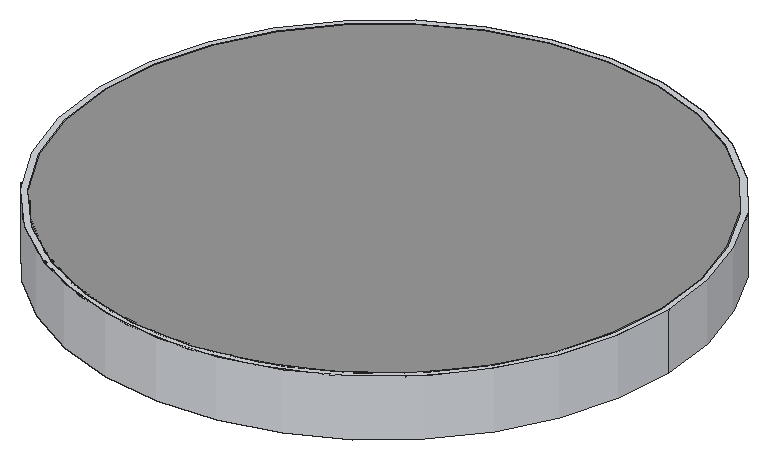
Revit family "2071212", category Lighting Fixtures, host Face, Revit 2018
Family settings
  Host = Face
  Round Connector Dimension = Use Diameter
  Part Type = Normal
  OmniClass Number = 23.80.70.00
  OmniClass Title = Lighting
  Cut with Voids When Loaded = No
  Light Source = Yes
  Shared = No
  Room Calculation Point = No
Parameters (values of type "2071212 COLOSSAL 600 840 OP DIR+H WHT DALI EM")
  iner diameter = 588 mm
  Weight = "n/a"
  Wattage Comments = ""
  Wattage = 30 W
  WarrantyStartDate [instance] = "n/a"
  WarrantyGuarantorParts = "n/a"
  WarrantyDurationUnit = "n/a"
  WarrantyDurationParts = ""
  WarrantyDescription = "http://www.sylvania-lighting.com"
  built-in parameter 1150110 = 1 (stored number, unit not read)
  Voltage = 230 V
  URL = "0.99"
  TypeName = "COLOSSAL 600mm 840 OPAL DIR+HAL WHITE DALI EM"
  Type Image = <None>
  Type Comments = "n/a"
  built-in parameter 1114217 = 1 (stored number, unit not read)
  Tilt Angle = -90.00°
  built-in parameter 1150109 = 1 (stored number, unit not read)
  built-in parameter 1150134 = (empty or 0)
  built-in parameter 1150113 = 1 (stored number, unit not read)
  SerialNumber [instance] = "n/a"
  Photometric Web File = "2071212.ies"
  Material_3_SYL = LED-Sylvania
  PowerFactor = 0
  PowerConsumption = "Lighting"
  NominalLength = 600 mm
  NominalHeight = 93 mm
  NominalDepth = 600 mm
  Name = "COLOSSAL 600mm 840 OPAL DIR+HAL WHITE DALI EM"
  ModelReference = Name  # "COLOSSAL 600mm 840 OPAL DIR+HAL WHITE DALI EM"
  ModelNumber = "2071212"
  Model = Name  # "COLOSSAL 600mm 840 OPAL DIR+HAL WHITE DALI EM"
  Material = "Feilo Sylvania"
  ManufacturerName = "133 lm/W"
  Manufacturer = ""
  LuminousEfficacy = ""
  built-in parameter 1150105 = 270.44 (stored number, unit not read)
  Lumens = 3398.4 lm
  LuminaireType = "0"
  built-in parameter 1150115 = 1 (stored number, unit not read)
  LightOutputRatio = "LED"
  built-in parameter 1150137 = (empty or 0)
  built-in parameter 1150139 = (empty or 0)
  LampsType = Lamp  # "n/a"
  LampNominalLuminous = "4000 K"
  LampMacAdamStep = "80"
  LampColourTemperature = "LED"
  LampColourRenderingIndex = "16500"
  built-in parameter 1150112 = 1 (stored number, unit not read)
  built-in parameter 1150114 = 1 (stored number, unit not read)
  Lamp = "n/a"
  Keynote = "n/a"
  InstallationDate [instance] = "n/a"
  InputVoltage = "0"
  InputNominalFrequency = "4000"
  built-in parameter 1150132 = (empty or 0)
  built-in parameter 1150102 = (empty or 0)
  built-in parameter 1150107 = 3000 (stored number, unit not read)
  built-in parameter 1150138 = (empty or 0)
  IngressProtection = "IfcLightFixtureType"
  ImpactProtectionIndex = "IfcLightFixtureType"
  built-in parameter 1150106 = 2.7044 (stored number, unit not read)
  IfcExportType = "IfcLightFixtureType"
  IfcExportAs = "Class I"
  Emit from Circle Diameter = 385 mm
  Emit Shape Visible in Rendering = no
  ElectricShockClassification = "133"
  built-in parameter 1150104 = 10.524 (stored number, unit not read)
  DocumentationLiterature = "http://www.sylvania-lighting.com/product/en-int/products/2071212"
  DimmingControlOptions = "n/a"
  Material_2_SYL = Polycarbonate_Sylvania_White
  Dimming Lamp Color Temperature Shift = <None>
  Description = "600mm diameter circular architectural luminaire, can be surface mounted or suspended. Powder coated aluminium housing (RAL9016) with polycarbonate opal diffuser. Direct/indirect (halo) light distribution, 5445lm luminuous flux, 41W system power, 133lm/W luminiaire efficacy. DALI dimmable. 3 hours integrated emergency. Colour rendering index Ra >80, 4000K Neutral White LED, chromaticity tolerance of 3-step MacAdam ellipse. IP40, IK03. 450mA drive current. Electrical protection Class1, 220-240V. Reported lifetime 66k hours L90B10."
  Default Elevation = 1219.2 mm
  CreatedOn = "23/03/2022"
  CreatedBy = "@sylvania-lighting.com"
  Cost = 0
  Color Filter = 16777215
  built-in parameter 1114216 [instance] = (empty or 0)
  ClassificationValue = "EF_70_80"
  ClassificationName = "Uniclass2015"
  Material_1_SYL = Polycarbonate_Sylvania_Opal
  BarCode [instance] = "n/a"
  built-in parameter 1114218 = 1 (stored number, unit not read)
  built-in parameter 1150133 = 10 (stored number, unit not read)
  AssetType = "Fixed"
  AssetIdentifier [instance] = "n/a"
  Assembly Code = "D5020200"
  Apparent Load = 41 VA
  Material_4_SYL = none
Reference planes
  plane 1 "Center (Front/Back)": y = 0
  plane 2: z = 0
  plane 3 "Center (Left/Right)": x = 0
  plane 4: x = -300
  plane 5: x = 300
  plane 6: y = 300
  plane 7: y = -300
  plane 8: y = 212
  plane 9: y = -212
  plane 10: z = 93
  plane 11: y = 294
  plane 12: y = -294
  plane 13: through (0, 0, 1219.2) normal (0.5, -0.866, 0)
  plane 14: through (-134.29, 20.617, 1219.2) normal (0.5, -0.866, 0)
  plane 15: through (-144.685, -181.683, 1219.2) normal (-0.5, 0.866, 0)
  plane 16: through (0, 0, 1219.2) normal (0.5, 0.866, 0)
  plane 17: through (178.555, -4.939, 1219.2) normal (0.5, 0.866, 0)
  plane 18: through (87.581, -148.715, 1219.2) normal (0.5, 0.866, 0)
  plane 19: y = 272
  plane 20: through (105.168, 227.067, 1219.2) normal (0.866, 0.5, 0)
  plane 21: through (-104.171, 225.672, 1219.2) normal (0.8572, -0.515, 0)
  plane 22: y = -204.612
  plane 23: through (-296.643, -30.2, 1219.2) normal (0.866, 0.5, 0)
  plane 24: through (153.092, -278.837, 1219.2) normal (-0.866, 0.5, 0)
Forms (mm)
  Extrusion 1, solid, detail levels medium+fine
    sketch origin (0, 0, 0) x (1, 0, 0) y (0, 1, 0)
      loop
        circle (0, 0) r 300
    from 33.023 to 93
  Extrusion 2, void
    sketch origin (0, 0, 0) x (1, 0, 0) y (0, 1, 0)
      loop
        circle (0, 0) r 294
    from 93 to 37.292
  Extrusion 3, solid, material "Glass, White, High Luminance", detail levels fine
    sketch origin (0, 0, 0) x (1, 0, 0) y (0, 1, 0)
      loop
        circle (0, 0) r 294
    from 88.026 to 93
  Extrusion 4, solid, detail levels coarse
    sketch origin (0, 0, 0) x (1, 0, 0) y (0, 1, 0)
      loop
        line (-300, 300) -> (-300, -300) -> (300, -300) -> (300, 300) -> (-300, 300)
    from 0 to 93
  Blend 5, solid, detail levels medium+fine
    base sketch origin (0, 0, 0) x (1, 0, 0) y (0, 1, 0)
      loop
        line (-76.334, 272) -> (-277.665, -63.07) -> (-195.946, -204.612) -> (195.946, -204.612) -> (275.172, -67.388) -> (79.226, 272) -> (-76.334, 272)
    top sketch origin (0, 0, 0) x (1, 0, 0) y (0, 1, 0)
      loop
        line (-226.097, -32.388) -> (-141.097, -179.612) -> (141.097, -179.612) -> (226.097, -32.388) -> (85, 212) -> (-85, 212) -> (-226.097, -32.388)
    from 33.023 to 0
Cuts and joins
  Extrusion 2 cuts Extrusion 1
Lines and regions (mm)
  model lines
    curve 1: line (-85, 212, 0) -> (0, 212, 0)
    curve 2: line (0, 212, 0) -> (85, 212, 0)
Dimensions and locks
  "NominalDepth": plane 6 to plane 7
  "NominalLength": plane 4 to plane 5
  equal spacing: plane 4, plane 3 "Center (Left/Right)", plane 5
  "iner diameter": plane 11 to plane 12
  equal spacing: plane 11, plane 1 "Center (Front/Back)", plane 12
  equal spacing: plane 6, plane 1 "Center (Front/Back)", plane 7
  "NominalHeight": plane 10 to level
  radius of Extrusion 2 sketch curve = 294 mm
  aligned and locked: plane 2 to host face
  aligned and locked: level to host face
Automatic sketch dimensions
  host sketch curve to host sketch curve = 2438.4 mm  (x2)
  plane 1 "Center (Front/Back)" to Extrusion 1 sketch curve = 0 mm
  Extrusion 1 sketch curve to plane 3 "Center (Left/Right)" = 0 mm
  plane 1 "Center (Front/Back)" to Extrusion 2 sketch curve = 0 mm
  Extrusion 2 sketch curve to plane 3 "Center (Left/Right)" = 0 mm
  plane 1 "Center (Front/Back)" to Extrusion 3 sketch curve = 0 mm
  Extrusion 3 sketch curve to plane 3 "Center (Left/Right)" = 0 mm
  Extrusion 4 sketch curve to plane 4 = 0 mm
  Extrusion 4 sketch curve to plane 5 = 0 mm
  Extrusion 4 sketch curve to plane 7 = 0 mm
  Extrusion 4 sketch curve to plane 6 = 0 mm
  Blend 5 sketch curve to plane 8 = 0 mm
  Blend 5 sketch curve to plane 3 "Center (Left/Right)" = 85 mm
  plane 3 "Center (Left/Right)" to Blend 5 sketch curve = 85 mm
  plane 9 to Blend 5 sketch curve = 32.388 mm
  plane 3 "Center (Left/Right)" to Blend 5 sketch curve = 141.097 mm
  plane 1 "Center (Front/Back)" to Blend 5 sketch curve = 32.388 mm  (x2)
  Blend 5 sketch curve to plane 5 = 73.903 mm
  Blend 5 sketch curve to plane 3 "Center (Left/Right)" = 141.097 mm
  plane 4 to Blend 5 sketch curve = 73.903 mm
  curve 1 to plane 8 = 0 mm
  curve 2 to plane 3 "Center (Left/Right)" = 0 mm
  curve 1 to plane 3 "Center (Left/Right)" = 85 mm
  curve 1 to curve 2 = 85 mm
  Blend 5 sketch curve to plane 21 = 0 mm
  Blend 5 sketch curve to plane 23 = 0 mm  (x2)
  Blend 5 sketch curve to plane 22 = 0 mm
  Blend 5 sketch curve to plane 19 = 0 mm
  plane 21 to Blend 5 sketch curve = 0 mm
  Blend 5 sketch curve to plane 20 = 0 mm  (x2)
  Blend 5 sketch curve to plane 24 = 0 mm  (x2)
  radius of Extrusion 1 sketch curve = 300 mm
  radius of Extrusion 3 sketch curve = 294 mm
Connectors
  electrical at (0, 0, 0), driven by "Apparent Load", driven by "PowerFactor", driven by "Voltage"
    settings: index 1, voltage 230 V, apparent load 41 VA, apparent load phase1 0 VA, apparent load phase2 0 VA, apparent load phase3 0 VA, power factor 0, load classification "Lighting", number of poles 1, system type 30, power factor state 1, is connector primary yes, connector utility no, sub classification motor no, connector description ""
